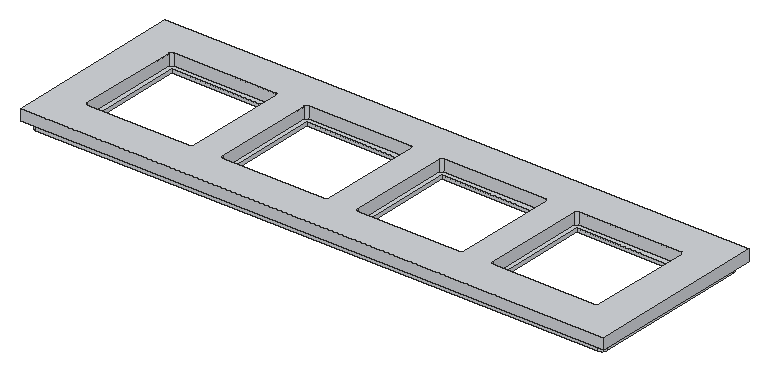
Revit family "Gira_0214217", category Electrical Fixtures, host Face, Revit 2017
Family settings
  Host = Face
  Maintain Annotation Orientation = No
  Round Connector Dimension = Use Diameter
  Part Type = Normal
  Cut with Voids When Loaded = No
  Shared = No
  Room Calculation Point = No
Parameters (values of type "Abdeckrahmen 4f Gira Esprit Alum.Hellgold")
  Werkstoffgüte = "aluminium"
  Werkstoff = "Metall"
  Verfügbar = "Ja"
  URL = "http://katalog.gira.de/de_DE/datenblatt.html?artikelnr=0214217"
  Transparent = "Nein"
  Textfeld/Beschriftungsfläche = "Nein"
  Schutzart (IP) = "IP20"
  Region = "DE"
  Oberfläche = "sonstige"
  Name = "Abdeckrahmen 4f Gira Esprit Alum.Hellgold"
  Montagerichtung = "horizontal und vertikal"
  Mit Montagerahmen = "Nein"
  Mit Klappdeckel = "Nein"
  Manufacturer URL = "https://www.gira.de/"
  Kategorie = "Abdeckrahmen"
  Manufacturer = "Gira"
  HeinzeBIM = "https://bimportal.heinze.de/bim/abdeckrahmen-4f-gira-esprit-alum-hellgold/f302f4f52faf58b693db0f7f7e32b57be1afe7b6"
  Halogenfrei = "Nein"
  HAN = "0214217"
  Geeignet für Unterputz-Installation = "Ja"
  Geeignet für Unterflurkanaldose = "Nein"
  Geeignet für Geräteeinbaukanal = "Nein"
  Geeignet für Einbauinstallation = "Nein"
  GTIN = "4010337015741"
  Farbe = "aluminium"
  Description = "Abdeckrahmen Gira Esprit Aluminium Braun 4fach Merkmale: - Aluminium eloxiert E 1. Farbabweichungen sind möglich."
  Data sheet (1) = "https://katalog.gira.de/de_DE/download.html?artikelnr=0214217"
  Category = "Abdeckrahmen"
  Befestigungsart = "Klemmbefestigung"
  Keynote = "Espr._Rahmen_4fach"
  Default Elevation = 1219.2 mm
  BIM (1) = "https://media.live.bim.site/public/gira/9fde4c0/Espr._Rahmen_4fach.rfa"
  Available = "Yes"
  Anzahl der Einheiten vertikal = "4 "
  Anzahl der Einheiten horizontal = "4 "
  Anzahl der Einheiten = "4 "
Reference planes
  plane 1 "Center (Front/Back)": y = 0
  plane 2: z = 0
  plane 3 "Center (Left/Right)": x = 0
Forms (mm)
  Extrusion 1, solid, detail levels fine
    sketch origin (0, 0, 0) x (1, 0, 0) y (0, 1, 0)
      loop
        line (-154, 47.5) -> (-154, -47.5) -> (154, -47.5) -> (154, 47.5) -> (-154, 47.5)
      loop
        arc (-135.25, -26.8) -> (-134.811, -27.861) -> (-133.75, -28.3) r 1.5
        line (-133.75, -28.3) -> (-80.15, -28.3)
        arc (-80.15, -28.3) -> (-79.089, -27.861) -> (-78.65, -26.8) r 1.5
        line (-78.65, -26.8) -> (-78.65, 26.8)
        arc (-78.65, 26.8) -> (-79.089, 27.861) -> (-80.15, 28.3) r 1.5
        line (-80.15, 28.3) -> (-133.75, 28.3)
        arc (-133.75, 28.3) -> (-134.811, 27.861) -> (-135.25, 26.8) r 1.5
        line (-135.25, 26.8) -> (-135.25, -26.8)
      loop
        arc (-63.95, -26.8) -> (-63.511, -27.861) -> (-62.45, -28.3) r 1.5
        line (-62.45, -28.3) -> (-8.85, -28.3)
        arc (-8.85, -28.3) -> (-7.789, -27.861) -> (-7.35, -26.8) r 1.5
        line (-7.35, -26.8) -> (-7.35, 26.8)
        arc (-7.35, 26.8) -> (-7.789, 27.861) -> (-8.85, 28.3) r 1.5
        line (-8.85, 28.3) -> (-62.45, 28.3)
        arc (-62.45, 28.3) -> (-63.511, 27.861) -> (-63.95, 26.8) r 1.5
        line (-63.95, 26.8) -> (-63.95, -26.8)
      loop
        arc (7.35, -26.8) -> (7.789, -27.861) -> (8.85, -28.3) r 1.5
        line (8.85, -28.3) -> (62.45, -28.3)
        arc (62.45, -28.3) -> (63.511, -27.861) -> (63.95, -26.8) r 1.5
        line (63.95, -26.8) -> (63.95, 26.8)
        arc (63.95, 26.8) -> (63.511, 27.861) -> (62.45, 28.3) r 1.5
        line (62.45, 28.3) -> (8.85, 28.3)
        arc (8.85, 28.3) -> (7.789, 27.861) -> (7.35, 26.8) r 1.5
        line (7.35, 26.8) -> (7.35, -26.8)
      loop
        arc (78.65, -26.8) -> (79.089, -27.861) -> (80.15, -28.3) r 1.5
        line (80.15, -28.3) -> (133.75, -28.3)
        arc (133.75, -28.3) -> (134.811, -27.861) -> (135.25, -26.8) r 1.5
        line (135.25, -26.8) -> (135.25, 26.8)
        arc (135.25, 26.8) -> (134.811, 27.861) -> (133.75, 28.3) r 1.5
        line (133.75, 28.3) -> (80.15, 28.3)
        arc (80.15, 28.3) -> (79.089, 27.861) -> (78.65, 26.8) r 1.5
        line (78.65, 26.8) -> (78.65, -26.8)
    from 0 to 6
  Extrusion 2, solid, detail levels fine
    sketch origin (0, 0, 0) x (1, 0, 0) y (0, 1, 0)
      loop
        line (-132.85, -25.7) -> (-81.05, -25.7) -> (-81.05, 25.7) -> (-132.85, 25.7) -> (-132.85, -25.7)
      loop
        line (61.55, 25.7) -> (9.75, 25.7) -> (9.75, -25.7) -> (61.55, -25.7) -> (61.55, 25.7)
      loop
        arc (-149.85, -41.4) -> (-149.323, -42.673) -> (-148.05, -43.2) r 1.8
        line (-148.05, -43.2) -> (148.05, -43.2)
        arc (148.05, -43.2) -> (149.323, -42.673) -> (149.85, -41.4) r 1.8
        line (149.85, -41.4) -> (149.85, 41.4)
        arc (149.85, 41.4) -> (149.323, 42.673) -> (148.05, 43.2) r 1.8
        line (148.05, 43.2) -> (-148.05, 43.2)
        arc (-148.05, 43.2) -> (-149.323, 42.673) -> (-149.85, 41.4) r 1.8
        line (-149.85, 41.4) -> (-149.85, -41.4)
      loop
        line (-9.75, 25.7) -> (-61.55, 25.7) -> (-61.55, -25.7) -> (-9.75, -25.7) -> (-9.75, 25.7)
      loop
        line (132.85, 25.7) -> (81.05, 25.7) -> (81.05, -25.7) -> (132.85, -25.7) -> (132.85, 25.7)
    from -1.9 to 0
  Extrusion 3, solid, detail levels fine
    sketch origin (0, 0, 0) x (1, 0, 0) y (0, 1, 0)
      loop
        arc (-148.05, 44.4) -> (-150.171, 43.521) -> (-151.05, 41.4) r 3
        line (-151.05, 41.4) -> (-151.05, -41.4)
        arc (-151.05, -41.4) -> (-150.171, -43.521) -> (-148.05, -44.4) r 3
        line (-148.05, -44.4) -> (148.05, -44.4)
        arc (148.05, -44.4) -> (150.171, -43.521) -> (151.05, -41.4) r 3
        line (151.05, -41.4) -> (151.05, 41.4)
        arc (151.05, 41.4) -> (150.171, 43.521) -> (148.05, 44.4) r 3
        line (148.05, 44.4) -> (-148.05, 44.4)
      loop
        arc (-149.85, -41.4) -> (-149.323, -42.673) -> (-148.05, -43.2) r 1.8
        line (-148.05, -43.2) -> (148.05, -43.2)
        arc (148.05, -43.2) -> (149.323, -42.673) -> (149.85, -41.4) r 1.8
        line (149.85, -41.4) -> (149.85, 41.4)
        arc (149.85, 41.4) -> (149.323, 42.673) -> (148.05, 43.2) r 1.8
        line (148.05, 43.2) -> (-148.05, 43.2)
        arc (-148.05, 43.2) -> (-149.323, 42.673) -> (-149.85, 41.4) r 1.8
        line (-149.85, 41.4) -> (-149.85, -41.4)
    from -3.7 to 0
  Extrusion 4, solid, detail levels medium
    sketch origin (0, 0, 0) x (1, 0, 0) y (0, 1, 0)
      loop
        line (-154, 47.5) -> (-154, -47.5) -> (154, -47.5) -> (154, 47.5) -> (-154, 47.5)
    from 0 to 6
  Extrusion 5, solid, detail levels medium
    sketch origin (0, 0, 0) x (1, 0, 0) y (0, 1, 0)
      loop
        line (-154, 44.4) -> (-154, -44.4) -> (154, -44.4) -> (154, 44.4) -> (-154, 44.4)
    from -3.7 to 0
  Extrusion 6, solid, detail levels coarse
    sketch origin (0, 0, 0) x (1, 0, 0) y (0, 1, 0)
      loop
        line (-154, 47.5) -> (-154, -47.5) -> (154, -47.5) -> (154, 47.5) -> (-154, 47.5)
    from -3.7 to 6
Dimensions and locks
  aligned and locked: plane 2 to host face
  aligned and locked: level to host face
